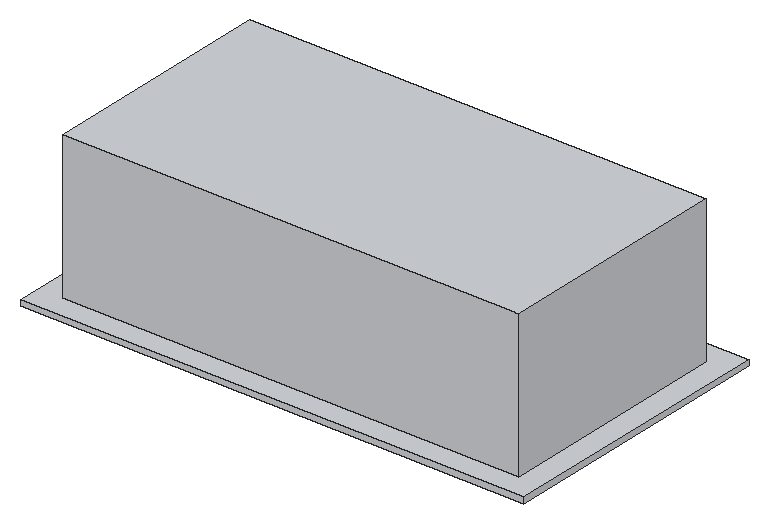
Revit family "M_Supply Grille - Single Deflection - Rectangular Face Rectangular Neck", category Air Terminals, Revit 2023
Family settings
  Round Connector Dimension = Use Diameter
  Part Type = Normal
  Work Plane-Based = No
  Always vertical = Yes
  Cut with Voids When Loaded = No
  Shared = No
  Room Calculation Point = No
Parameters (values of type "410x210")
  Width = 225 mm
  Pressure Drop [instance] = 11.0 Pa
  Panel Thickness = 5 mm  # constant formula
  Length 1 = Duct Width / 6  # 68.333 mm
  Length = 425 mm
  Grille Material = none
  Duct Width = Length - 15 mm  # 410 mm
  Duct Height = Width - 15 mm  # 210 mm
  Duct Diameter = 250 mm
  Grille Width = Width + 27 mm  # 252 mm
  Grille Length = Length + 27 mm  # 452 mm
  Grille Height = 136 mm
  Default Elevation = 0 mm
  Air Flow [instance] = 206.0 L/s
Types (3, lengths in mm): name | Width | Pressure Drop | Length 1 | Length | Duct Width | Duct Height | Grille Width | Grille Length | Grille Height | Air Flow
  410x210 | 225 | 11.0 Pa | 68.333 | 425 | 410 | 210 | 252 | 452 | 136 | 206.0 L/s
  310x110 | 125 | 9.0 Pa | 51.667 | 325 | 310 | 110 | 152 | 352 | 111 | 78.0 L/s
  210x60 | 75 | 7.0 Pa | 35 | 225 | 210 | 60 | 102 | 252 | 95 | 25.0 L/s
Reference planes
  plane 1 "Center (Front/Back)": y = 0
  plane 2: z = 0
  plane 3 "Center (Left/Right)": x = 0
  plane 4: z = 131
  plane 5: z = -5
  plane 6: x = -205
  plane 7: x = 205
  plane 8: y = 105
  plane 9: y = -105
  plane 10: z = 152.4
  plane 11: x = 226
  plane 12: x = -226
  plane 13: y = 126
  plane 14: y = -126
  plane 15: x = -68.333
  plane 16: x = 68.333
  plane 17: z = 4.862
  plane 18: x = 136.667
  plane 19: x = -136.667
Forms (mm)
  Extrusion 1, solid, material <- "Grille Material"
    sketch origin (205, -4572, 2609.058) x (0, 0, 1) y (0, -1, 0)
      loop
        line (-2478.058, -4677) -> (-2478.058, -4467) -> (-2609.058, -4467) -> (-2609.058, -4677) -> (-2478.058, -4677)
    from -410 to 0
  Extrusion 2, solid, material <- "Grille Material"
    sketch origin (205, -4572, 2609.058) x (0, 0, 1) y (0, -1, 0)
      loop
        line (-2609.058, -4698) -> (-2609.058, -4446) -> (-2614.058, -4446) -> (-2614.058, -4698) -> (-2609.058, -4698)
    from -431 to 21
Cuts and joins
  joined: Extrusion 1, Extrusion 2
Lines and regions (mm)
  model lines
    curve 1: line (-68.333, 105, -5) -> (-68.333, -105, -5)
    curve 2: line (0, 105, -5) -> (0, -105, -5)
    curve 3: line (68.333, 105, -5) -> (68.333, -105, -5)
    curve 4: line (-205, 105, -5) -> (205, 105, -5)
    curve 5: line (-205, -105, -5) -> (-205, 105, -5)
    curve 6: line (205, -105, -5) -> (-205, -105, -5)
    curve 7: line (205, 105, -5) -> (205, -105, -5)
    curve 11: line (-136.667, 105, -5) -> (-136.667, -105, -5)
    curve 12: line (136.667, 105, -5) -> (136.667, -105, -5)
  symbolic lines
    curve 8: line (-68.333, 105, -5) -> (-68.333, -105, -5)
    curve 9: line (0, 105, -5) -> (0, -105, -5)
    curve 10: line (68.333, 105, -5) -> (68.333, -105, -5)
    curve 13: line (-136.667, 105, -5) -> (-136.667, -105, -5)
    curve 14: line (136.667, 105, -5) -> (136.667, -105, -5)
Dimensions and locks
  equal spacing: plane 8, plane 1 "Center (Front/Back)", plane 9
  "Duct Height": plane 8 to plane 9
  equal spacing: plane 6, plane 3 "Center (Left/Right)", plane 7
  "Duct Width": plane 6 to plane 7
  equal spacing: plane 13, plane 1 "Center (Front/Back)", plane 14
  "Grille Width": plane 13 to plane 14
  "Panel Thickness": plane 2 to plane 5
  "Grille Height": plane 4 to plane 5
  plane 10 to plane 2 = 152.4 mm
  equal spacing: plane 12, plane 3 "Center (Left/Right)", plane 11
  "Grille Length": plane 12 to plane 11
  "Length 1": plane 15 to plane 3 "Center (Left/Right)"
  "Length 1": plane 3 "Center (Left/Right)" to plane 16
  "Length 1": plane 16 to plane 18
  "Length 1": plane 19 to plane 15
  aligned and locked: plane 2 to level
  aligned and locked: Extrusion 1 to plane 6
  aligned and locked: plane 7 to Extrusion 1
  aligned and locked: plane 8 to Extrusion 1 sketch curve
  aligned and locked: Extrusion 1 sketch curve to plane 4
  aligned and locked: Extrusion 1 sketch curve to plane 9
  aligned and locked: Extrusion 1 sketch curve to plane 2
  aligned and locked: Extrusion 2 sketch curve to plane 2
  aligned and locked: Extrusion 2 sketch curve to plane 13
  aligned and locked: Extrusion 2 sketch curve to plane 14
  aligned and locked: plane 5 to Extrusion 2 sketch curve
  aligned and locked: Extrusion 2 to plane 12
  aligned and locked: plane 11 to Extrusion 2
  aligned and locked: curve 1 to plane 15
  aligned and locked: curve 2 to plane 3 "Center (Left/Right)"
  aligned and locked: plane 16 to curve 3
  aligned and locked: curve 4 to plane 8
  aligned and locked: curve 7 to plane 7
  aligned and locked: curve 6 to plane 9
  aligned and locked: plane 6 to curve 5
  aligned and locked: curve 8 to plane 15
  aligned and locked: curve 9 to plane 3 "Center (Left/Right)"
  aligned and locked: plane 16 to curve 10
  aligned and locked: curve 11 to plane 19
  aligned and locked: plane 18 to curve 12
  aligned and locked: plane 8 to curve 13
  aligned and locked: plane 9 to curve 13
  aligned and locked: plane 18 to curve 14
  aligned and locked: curve 13 to plane 19
Connectors
  hvac at (0, 0, 131), driven by "Pressure Drop", driven by "Air Flow", driven by "Duct Height", driven by "Duct Width"
    settings: on cut or joined group of Extrusion 1, Extrusion 2, index 1, duct flow 206.0 L/s, flow factor 0, pres drop 11.0 Pa, loss coef 0, conn angle 0.00°, conn width 410 mm, conn height 210 mm, conn diameter 609.6 mm, duct sys type 1, conn prof type 1, flow config 1, flow direction 1, loss method 4, conn ref index -1, conn util no, is conn primary yes, conn desc "In"
